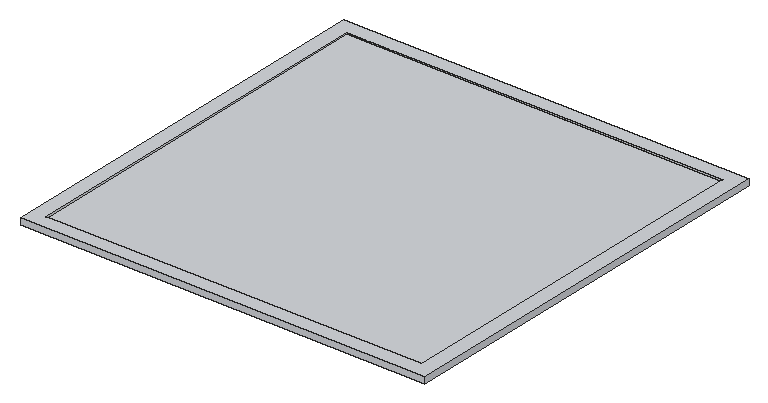
Revit family "0041235", category Lighting Fixtures, host Face, Revit 2017
Family settings
  Host = Face
  Round Connector Dimension = Use Diameter
  Part Type = Normal
  OmniClass Number = 23.80.70.00
  OmniClass Title = Lighting
  Cut with Voids When Loaded = No
  Light Source = Yes
  Shared = No
  Room Calculation Point = No
Parameters (values of type "0041235 START PANEL UGR19 600 3500LM 940 LILO")
  Weight = "93.6 kg"
  Wattage Comments = ""
  Wattage = 36 W
  WarrantyStartDate [instance] = "n/a"
  WarrantyGuarantorParts = "n/a"
  WarrantyDurationUnit = "n/a"
  WarrantyDurationParts = "n/a"
  WarrantyDescription = "n/a"
  WIDTH_SYL = 297.5 mm
  built-in parameter 1150110 = 1 (stored number, unit not read)
  Voltage = 0 V
  URL = "http://www.sylvania-lighting.com"
  TypeName = "START Panel UGR19 600x600 3500lm 940 LILO"
  Type Image = <None>
  Type Comments = "n/a"
  built-in parameter 1114217 = 1 (stored number, unit not read)
  Tilt Angle = -90.00°
  built-in parameter 1150109 = 1 (stored number, unit not read)
  built-in parameter 1150134 = 12
  TOPWIDTH_SYL = 245 mm
  built-in parameter 1150113 = 1 (stored number, unit not read)
  SerialNumber [instance] = "n/a"
  Photometric Web File = "0041235.ies"
  Material_3_SYL = none
  PowerFactor = 0.9
  PowerConsumption = "36 W"
  NominalLength = 595 mm
  NominalHeight = 35 mm
  NominalDepth = 595 mm
  Name = "START Panel UGR19 600x600 3500lm 940 LILO"
  ModelReference = Name  # "START Panel UGR19 600x600 3500lm 940 LILO"
  ModelNumber = "0041235"
  Model = Name  # "START Panel UGR19 600x600 3500lm 940 LILO"
  Material = "aluminium,steel housing, other diffuser"
  ManufacturerName = "Feilo Sylvania"
  Manufacturer = "Feilo Sylvania"
  MAINHEIGHT_SYL = 63 mm
  LuminousEfficacy = "97 lm/W"
  built-in parameter 1150105 = 1727.6 (stored number, unit not read)
  Lumens = 3492 lm
  LuminaireType = ""
  built-in parameter 1150115 = 1 (stored number, unit not read)
  LightOutputRatio = "n/a"
  built-in parameter 1150137 = (empty or 0)
  built-in parameter 1150139 = (empty or 0)
  LampsType = Lamp  # "LED"
  LampNominalLuminous = "3500 lm"
  LampMacAdamStep = "3"
  LampColourTemperature = "4000 K"
  LampColourRenderingIndex = "90"
  built-in parameter 1150112 = 1 (stored number, unit not read)
  built-in parameter 1150114 = 1 (stored number, unit not read)
  Lamp = "LED"
  LUMWIDTH_SYL = 276.5 mm
  LUMDEPTH_SYL = 276.5 mm
  Keynote = "16500"
  InstallationDate [instance] = "n/a"
  InputVoltage = "n/a"
  InputNominalFrequency = "n/a"
  built-in parameter 1150132 = (empty or 0)
  built-in parameter 1150102 = (empty or 0)
  built-in parameter 1150107 = 4000 (stored number, unit not read)
  built-in parameter 1150138 = (empty or 0)
  IngressProtection = "IP40/20"
  ImpactProtectionIndex = "IK03"
  built-in parameter 1150106 = 17.276 (stored number, unit not read)
  IfcExportType = "IfcLightFixtureType"
  IfcExportAs = "IfcLightFixtureType"
  HEIGHT_SYL = 33 mm
  HEIGHTBOTT_SYL = 7 mm
  Emit from Circle Diameter = 609.6 mm
  Emit Shape Visible in Rendering = no
  ElectricShockClassification = "Class II"
  built-in parameter 1150104 = 9.0116 (stored number, unit not read)
  DocumentationLiterature = "http://www.sylvania-lighting.com/product/en-int/products/0041235"
  DimmingControlOptions = "n/a"
  Material_2_SYL = none
  Dimming Lamp Color Temperature Shift = <None>
  Description = "START Panel is a range of backlit LED panels used in recessed ceilings. Ideal for general indoor appliactions such as corridors, breakrooms, offices and meeting rooms. Luminaire dimensions are compatible with common ceiling installation, and the shallow design makes it easy to install in low ceilings. 3500Lm; 36W; 97Lm/W; Drive current: 750mA; Average life: 50000Hrs; 4000K; CRI 90; Glare control <19; IK03; IP40 (from the front); SDCM<3; Class II; Loop in loop out connector for quick installation."
  Default Elevation = 1219.2 mm
  DEPTH_SYL = 297.5 mm
  CreatedOn = "9/17/2020"
  CreatedBy = "@sylvania-lighting.com"
  Cost = 0
  Color Filter = 16777215
  built-in parameter 1114216 [instance] = (empty or 0)
  ClassificationValue = "EF_70_80"
  ClassificationName = "Uniclass2015"
  Material_1_SYL = none
  BarCode [instance] = "n/a"
  built-in parameter 1114218 = 1 (stored number, unit not read)
  BOX_WIDTH_SYL = 40 mm
  built-in parameter 1150133 = 10 (stored number, unit not read)
  AssetType = "Fixed"
  AssetIdentifier [instance] = "n/a"
  Assembly Code = "D5020200"
  Apparent Load = 36 VA
  Material_4_SYL = none
  -LUMDEPTH_SYL = LUMDEPTH_SYL * (-1)  # -276.5 mm
Types (2, lengths in mm): name | Wattage | TypeName | Photometric Web File | PowerConsumption | Name | ModelReference | ModelNumber | Model | LuminousEfficacy | built-in parameter 1150105 | Lumens | LampNominalLuminous | built-in parameter 1150106 | built-in parameter 1150104 | DocumentationLiterature | Description | Apparent Load
  0041235 START PANEL UGR19 600 3500LM 940 LILO | 36 W | "START Panel UGR19 600x600 3500lm 940 LILO" | "0041235.ies" | "36 W" | "START Panel UGR19 600x600 3500lm 940 LILO" | "START Panel UGR19 600x600 3500lm 940 LILO" | "0041235" | "START Panel UGR19 600x600 3500lm 940 LILO" | "97 lm/W" | 1727.6 (stored number, unit not read) | 3492 lm | "3500 lm" | 17.276 (stored number, unit not read) | 9.0116 (stored number, unit not read) | "http://www.sylvania-lighting.com/product/en-int/products/0041235" | "START Panel is a range of backlit LED panels used in recessed ceilings. Ideal for general indoor appliactions such as corridors, breakrooms, offices and meeting rooms. Luminaire dimensions are compatible with common ceiling installation, and the shallow design makes it easy to install in low ceilings. 3500Lm; 36W; 97Lm/W; Drive current: 750mA; Average life: 50000Hrs; 4000K; CRI 90; Glare control <19; IK03; IP40 (from the front); SDCM<3; Class II; Loop in loop out connector for quick installation." | 36 VA
  0041236 START PANEL UGR19 600 4000LM 940 LILO | 43 W | "START Panel UGR19 600x600 4000lm 940 LILO" | "0041236.ies" | "43 W" | "START Panel UGR19 600x600 4000lm 940 LILO" | "START Panel UGR19 600x600 4000lm 940 LILO" | "0041236" | "START Panel UGR19 600x600 4000lm 940 LILO" | "93 lm/W" | 1977.9 (stored number, unit not read) | 3999 lm | "4000 lm" | 19.779 (stored number, unit not read) | 8.64 (stored number, unit not read) | "http://www.sylvania-lighting.com/product/en-int/products/0041236" | "START Panel is a range of backlit LED panels used in recessed ceilings. Ideal for general indoor appliactions such as corridors, breakrooms, offices and meeting rooms. Luminaire dimensions are compatible with common ceiling installation, and the shallow design makes it easy to install in low ceilings. 4000Lm; 43W; 93Lm/W; Drive current: 950mA; Average life: 50000Hrs; 4000K; CRI 90; Glare control <19; IK03; IP40 (from the front); SDCM<3; Class II; Loop in loop out connector for quick installation." | 43 VA
Reference planes
  plane 1 "Center (Front/Back)": y = 0
  plane 2: z = 0
  plane 3 "Center (Left/Right)": x = 0
  plane 4: x = -297.5
  plane 5: x = 297.5
  plane 6: y = 297.5
  plane 7: y = -297.5
  plane 8: x = 276.5
  plane 9: x = -276.5
  plane 10: y = 276.5
  plane 11: y = -276.5
  plane 12: z = -33
  plane 13: z = -7
  plane 14: x = -245
  plane 15: x = 245
  plane 16: y = -245
  plane 17: y = 245
  plane 18: y = 276.5
  plane 19: y = -276.5
  plane 20: z = -63
  plane 21: x = -40
  plane 22: x = 40
Forms (mm)
  Extrusion 1, solid
    sketch origin (0, 0, 0) x (1, 0, 0) y (0, 1, 0)
      loop
        line (-297.5, 297.5) -> (-297.5, -297.5) -> (297.5, -297.5) -> (297.5, 297.5) -> (-297.5, 297.5)
    from -7 to 2
  Extrusion 2, void
    sketch origin (0, 0, 0) x (1, 0, 0) y (0, 1, 0)
      loop
        line (-276.5, 276.5) -> (-276.5, -276.5) -> (276.5, -276.5) -> (276.5, 276.5) -> (-276.5, 276.5)
    from 0 to 10
  Extrusion 3, solid
    sketch origin (0, 0, 0) x (1, 0, 0) y (0, 0, 1)
      loop
        line (-276.5, -7) -> (-245, -33) -> (245, -33) -> (276.5, -7) -> (-276.5, -7)
    from -276.5 <- "-LUMDEPTH_SYL" to 276.5 <- "LUMDEPTH_SYL"
  Extrusion 4, void
    sketch origin (319, 1524, 1219.2) x (0, 1, 0) y (0, 0, 1)
      loop
        line (-1279, -1252.2) -> (-1247.5, -1252.2) -> (-1247.5, -1226.2) -> (-1279, -1252.2)
      loop
        line (-1800.5, -1226.2) -> (-1800.5, -1252.2) -> (-1769, -1252.2) -> (-1800.5, -1226.2)
    from -1000 to 1000
Cuts and joins
  Extrusion 2 cuts Extrusion 1
  Extrusion 4 cuts Extrusion 3
Dimensions and locks
  "WIDTH_SYL": plane 4 to plane 3 "Center (Left/Right)" to plane 5
  "DEPTH_SYL": plane 7 to plane 1 "Center (Front/Back)" to plane 6
  "LUMWIDTH_SYL": plane 9 to plane 3 "Center (Left/Right)" to plane 8
  "LUMDEPTH_SYL": plane 11 to plane 1 "Center (Front/Back)" to plane 10
  "HEIGHT_SYL": host face to plane 12
  "HEIGHTBOTT_SYL": host face to plane 13
  "TOPWIDTH_SYL": plane 14 to imposter light to plane 15
  "TOPWIDTH_SYL": plane 17 to imposter light to plane 16
  "LUMWIDTH_SYL": plane 18 to imposter light to plane 19
  "MAINHEIGHT_SYL": host face to plane 20
  "BOX_WIDTH_SYL": plane 21 to imposter light to plane 22
  aligned and locked: plane 2 to host face
  aligned and locked: level to host face
  aligned and locked: plane 6 to Extrusion 1 sketch curve
  aligned and locked: plane 4 to Extrusion 1 sketch curve
  aligned and locked: Extrusion 1 sketch curve to plane 7
  aligned and locked: Extrusion 1 sketch curve to plane 5
  aligned and locked: plane 10 to Extrusion 2 sketch curve
  aligned and locked: Extrusion 2 sketch curve to plane 9
  aligned and locked: Extrusion 2 sketch curve to plane 11
  aligned and locked: plane 8 to Extrusion 2 sketch curve
Automatic sketch dimensions
  host sketch curve to host sketch curve = 2438.4 mm  (x2)
  plane 9 to Extrusion 3 sketch curve = 0 mm
  Extrusion 3 sketch curve to plane 12 = 0 mm
  plane 14 to Extrusion 3 sketch curve = 0 mm
  plane 15 to Extrusion 3 sketch curve = 0 mm
  plane 8 to Extrusion 3 sketch curve = 0 mm
  Extrusion 3 sketch curve to plane 13 = 0 mm
  Extrusion 4 sketch curve to plane 11 = 0 mm
  plane 12 to Extrusion 4 sketch curve = 0 mm  (x2)
  Extrusion 4 sketch curve to plane 16 = 0 mm
  Extrusion 4 sketch curve to plane 17 = 0 mm
  Extrusion 4 sketch curve to plane 10 = 0 mm
  plane 13 to Extrusion 4 sketch curve = 0 mm  (x2)
